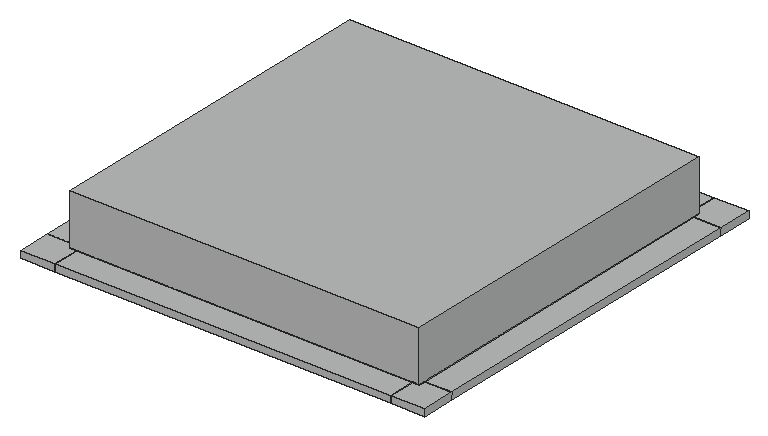
Revit family "ALUMOGIPS", category Осветительные приборы, Revit 2019 (continued)
Types (72, lengths in mm): name | Файл фотометрической сетки | built-in parameter 1150105 | Lumens | built-in parameter 1150106 | built-in parameter 1150142 | Wattage | Emit from Rectangle Width | Emit from Rectangle Length | Длина | Материал светильника | Ширина | ADSK_Ток | ADSK_Полная мощность | ADSK_Обозначение | ADSK_Номинальная мощность | ADSK_Наименование | ADSK_Масса | ADSK_Код изделия
  Alumogips-22/opal-sand 295x295 (IP40, 4000К, белый) | "Светильник ALUMOGIPS-22 OPAL-SAND-(295x295).IES" | 151.2 (stored number, unit not read) | 1900 lm | 1.512 (stored number, unit not read) | "IESNA:LM-63-95\r\n[TEST] Протокол №88\r\n[DATA] 02.08.2016\r\n[MORE] \r\n[MANUFAC] ЗАО \"Центрстройсвет\"\r\n[LUMCAT]  Светильник ALUMOGIPS-22/OPAL-SAND-(295x295)\r\n[LUMINAIRE]\r\n[LAMPCAT] Светодиоды\r\n[LAMP] Поток источника света (светодиодов) не известен\r\n[MORE] КСС приведена в абсолютных величинах кд\r\n[MORE] Вместо потока лампы, указан поток светильника.\r\nTILT=NONE\r\n1    1840 1.0 37 73 1 2 0.295 0.295 0.040\r\n1.0 1.0 23.0\r\n0.0 5.0 10.0 15.0 20.0 25.0 30.0 35.0 40.0 45.0 50.0 55.0 60.0 65.0 70.0 75.0 80.0 85.0 90.0 95.0 100.0 105.0 110.0 115.0 120.0 125.0 130.0 135.0 140.0 145.0 150.0 155.0 160.0 165.0 170.0 175.0 180.0\r\n0.0 5.0 10.0 15.0 20.0 25.0 30.0 35.0 40.0 45.0 50.0 55.0 60.0 65.0 70.0 75.0 80.0 85.0 90.0 95.0 100.0 105.0 110.0 115.0 120.0 125.0 130.0 135.0 140.0 145.0 150.0 155.0 160.0 165.0 170.0 175.0 180.0 185.0 190.0 195.0 200.0 205.0 210.0 215.0 220.0 225.0 230.0 235.0 240.0 245.0 250.0 255.0 260.0 265.0 270.0 275.0 280.0 285.0 290.0 295.0 300.0 305.0 310.0 315.0 320.0 325.0 330.0 335.0 340.0 345.0 350.0 355.0 360.0\r\n704.4 702.6 689.1 668.2 639.7 603.2 562.5 516.5 468.8 417.4 365.6 312.1 259.6 207.6 156.6 108.3 64.3 25.9 1.0 0.0 0.0 0.0 0.0 0.0 0.0 0.0 0.0 0.0 0.0 0.0 0.0 0.0 0.0 0.0 0.0 0.0 0.0\r\n704.4 702.6 688.9 666.9 636.8 601.2 560.9 517.4 467.0 417.5 364.8 312.1 258.9 207.6 156.5 108.3 64.5 26.2 0.8 0.0 0.0 0.0 0.0 0.0 0.0 0.0 0.0 0.0 0.0 0.0 0.0 0.0 0.0 0.0 0.0 0.0 0.0\r\n704.4 702.7 688.1 666.6 636.2 601.8 558.9 514.4 466.5 416.1 364.4 311.1 259.0 206.8 155.7 107.9 64.0 25.6 0.7 0.0 0.0 0.0 0.0 0.0 0.0 0.0 0.0 0.0 0.0 0.0 0.0 0.0 0.0 0.0 0.0 0.0 0.0\r\n704.4 702.8 687.5 665.5 635.7 599.5 558.6 514.9 467.7 415.9 364.3 311.2 257.9 206.3 155.3 107.2 63.6 25.3 0.6 0.0 0.0 0.0 0.0 0.0 0.0 0.0 0.0 0.0 0.0 0.0 0.0 0.0 0.0 0.0 0.0 0.0 0.0\r\n704.4 702.6 687.0 663.7 635.8 599.0 558.1 514.4 465.6 413.9 361.9 310.4 256.5 205.3 154.7 106.6 62.6 24.8 0.4 0.0 0.0 0.0 0.0 0.0 0.0 0.0 0.0 0.0 0.0 0.0 0.0 0.0 0.0 0.0 0.0 0.0 0.0\r\n704.4 702.2 686.0 663.0 633.3 599.1 557.7 512.0 464.8 414.0 362.8 309.2 256.6 205.1 154.2 106.1 62.4 24.4 0.4 0.0 0.0 0.0 0.0 0.0 0.0 0.0 0.0 0.0 0.0 0.0 0.0 0.0 0.0 0.0 0.0 0.0 0.0\r\n704.4 701.7 685.7 662.9 634.4 599.2 558.1 511.9 463.9 414.8 361.7 309.1 256.5 204.4 153.6 105.3 62.2 24.3 0.3 0.0 0.0 0.0 0.0 0.0 0.0 0.0 0.0 0.0 0.0 0.0 0.0 0.0 0.0 0.0 0.0 0.0 0.0\r\n704.4 701.4 685.4 663.3 632.5 597.1 557.3 512.2 463.2 413.2 361.4 307.8 255.6 203.8 153.2 105.6 61.8 24.0 0.3 0.0 0.0 0.0 0.0 0.0 0.0 0.0 0.0 0.0 0.0 0.0 0.0 0.0 0.0 0.0 0.0 0.0 0.0\r\n704.4 701.2 685.3 662.8 633.9 597.9 556.7 511.3 462.0 412.9 360.3 306.8 255.0 203.4 152.9 105.0 62.1 23.8 0.4 0.0 0.0 0.0 0.0 0.0 0.0 0.0 0.0 0.0 0.0 0.0 0.0 0.0 0.0 0.0 0.0 0.0 0.0\r\n704.4 700.7 685.1 661.8 633.2 596.2 556.5 510.9 461.5 411.1 359.4 307.7 255.0 203.8 153.0 104.9 61.9 23.6 0.5 0.0 0.0 0.0 0.0 0.0 0.0 0.0 0.0 0.0 0.0 0.0 0.0 0.0 0.0 0.0 0.0 0.0 0.0\r\n704.4 700.0 684.9 662.8 633.2 597.6 556.4 511.4 461.8 411.3 359.2 307.9 255.0 203.5 152.9 105.5 62.1 23.6 0.3 0.0 0.0 0.0 0.0 0.0 0.0 0.0 0.0 0.0 0.0 0.0 0.0 0.0 0.0 0.0 0.0 0.0 0.0\r\n704.4 699.6 685.0 663.1 633.0 597.9 557.6 511.6 462.2 410.8 359.8 307.8 254.6 203.2 152.9 105.6 62.1 23.9 0.3 0.0 0.0 0.0 0.0 0.0 0.0 0.0 0.0 0.0 0.0 0.0 0.0 0.0 0.0 0.0 0.0 0.0 0.0\r\n704.4 699.4 684.8 662.9 633.0 597.6 556.3 511.4 462.0 412.1 359.9 308.6 255.5 203.3 152.7 105.5 62.7 23.9 0.4 0.0 0.0 0.0 0.0 0.0 0.0 0.0 0.0 0.0 0.0 0.0 0.0 0.0 0.0 0.0 0.0 0.0 0.0\r\n704.4 699.2 685.0 663.9 634.3 597.1 556.9 510.5 462.6 411.5 359.8 308.0 255.2 203.3 153.6 105.4 62.4 24.0 0.4 0.0 0.0 0.0 0.0 0.0 0.0 0.0 0.0 0.0 0.0 0.0 0.0 0.0 0.0 0.0 0.0 0.0 0.0\r\n704.4 698.9 685.3 663.1 633.1 597.7 555.9 511.5 463.6 413.1 360.4 307.4 255.0 203.4 154.1 106.4 62.5 24.2 0.3 0.0 0.0 0.0 0.0 0.0 0.0 0.0 0.0 0.0 0.0 0.0 0.0 0.0 0.0 0.0 0.0 0.0 0.0\r\n704.4 698.8 684.9 662.5 633.7 597.3 557.3 511.4 463.5 412.5 360.6 308.3 256.1 204.5 154.8 106.4 63.3 24.7 0.4 0.0 0.0 0.0 0.0 0.0 0.0 0.0 0.0 0.0 0.0 0.0 0.0 0.0 0.0 0.0 0.0 0.0 0.0\r\n704.4 698.8 685.0 663.1 634.2 598.6 557.7 511.5 463.1 413.4 360.7 309.0 257.0 204.7 154.5 107.2 63.3 25.0 0.4 0.0 0.0 0.0 0.0 0.0 0.0 0.0 0.0 0.0 0.0 0.0 0.0 0.0 0.0 0.0 0.0 0.0 0.0\r\n704.4 698.8 685.9 663.2 634.6 598.3 557.6 511.0 462.3 413.8 361.5 308.8 256.7 205.8 155.4 107.6 63.7 25.3 0.4 0.0 0.0 0.0 0.0 0.0 0.0 0.0 0.0 0.0 0.0 0.0 0.0 0.0 0.0 0.0 0.0 0.0 0.0\r\n704.4 698.9 686.2 663.6 634.2 598.4 558.9 513.7 463.3 414.0 361.2 309.4 257.5 206.4 155.7 108.1 64.2 25.7 0.3 0.0 0.0 0.0 0.0 0.0 0.0 0.0 0.0 0.0 0.0 0.0 0.0 0.0 0.0 0.0 0.0 0.0 0.0\r\n704.4 699.2 685.6 664.1 635.3 599.2 558.5 513.9 465.4 414.1 363.1 310.0 258.5 206.6 156.1 108.2 64.8 26.0 0.4 0.0 0.0 0.0 0.0 0.0 0.0 0.0 0.0 0.0 0.0 0.0 0.0 0.0 0.0 0.0 0.0 0.0 0.0\r\n704.4 699.5 685.9 663.5 635.1 599.6 559.3 514.1 467.4 415.5 363.4 310.4 258.2 207.4 157.0 108.7 65.3 26.4 0.7 0.0 0.0 0.0 0.0 0.0 0.0 0.0 0.0 0.0 0.0 0.0 0.0 0.0 0.0 0.0 0.0 0.0 0.0\r\n704.4 699.6 686.6 665.6 636.2 601.3 560.7 514.4 466.7 415.4 364.2 311.3 259.4 207.8 157.4 109.5 65.4 26.6 0.9 0.0 0.0 0.0 0.0 0.0 0.0 0.0 0.0 0.0 0.0 0.0 0.0 0.0 0.0 0.0 0.0 0.0 0.0\r\n704.4 699.6 687.0 665.5 635.2 600.6 560.0 515.7 467.1 415.8 363.7 312.0 259.9 208.3 157.9 109.9 66.2 27.1 1.0 0.0 0.0 0.0 0.0 0.0 0.0 0.0 0.0 0.0 0.0 0.0 0.0 0.0 0.0 0.0 0.0 0.0 0.0\r\n704.4 699.6 686.9 665.3 638.0 601.8 560.2 516.2 467.8 417.1 364.5 312.6 260.5 209.6 159.0 110.8 66.2 27.7 1.1 0.0 0.0 0.0 0.0 0.0 0.0 0.0 0.0 0.0 0.0 0.0 0.0 0.0 0.0 0.0 0.0 0.0 0.0\r\n704.4 699.6 687.1 666.3 637.6 601.9 561.9 517.1 468.0 418.2 366.8 314.0 261.4 209.4 159.3 111.3 67.0 28.1 1.2 0.0 0.0 0.0 0.0 0.0 0.0 0.0 0.0 0.0 0.0 0.0 0.0 0.0 0.0 0.0 0.0 0.0 0.0\r\n704.4 699.5 687.4 666.7 638.8 602.2 562.2 518.2 469.5 419.1 368.2 314.0 263.2 210.6 159.7 111.6 67.9 28.6 1.4 0.0 0.0 0.0 0.0 0.0 0.0 0.0 0.0 0.0 0.0 0.0 0.0 0.0 0.0 0.0 0.0 0.0 0.0\r\n704.4 699.5 688.3 667.0 640.3 604.3 563.6 518.1 470.6 419.5 367.4 316.1 263.5 211.7 161.4 112.7 68.0 28.9 1.6 0.0 0.0 0.0 0.0 0.0 0.0 0.0 0.0 0.0 0.0 0.0 0.0 0.0 0.0 0.0 0.0 0.0 0.0\r\n704.4 699.3 688.8 667.6 639.8 604.7 565.6 518.5 470.9 421.8 370.5 318.0 264.7 211.6 161.4 113.3 69.3 29.6 1.6 0.0 0.0 0.0 0.0 0.0 0.0 0.0 0.0 0.0 0.0 0.0 0.0 0.0 0.0 0.0 0.0 0.0 0.0\r\n704.4 699.3 689.1 668.0 639.9 605.1 564.7 521.0 473.3 421.7 371.0 317.6 265.9 213.4 162.4 113.9 69.6 30.2 2.1 0.0 0.0 0.0 0.0 0.0 0.0 0.0 0.0 0.0 0.0 0.0 0.0 0.0 0.0 0.0 0.0 0.0 0.0\r\n704.4 699.1 689.5 669.7 641.0 604.7 565.4 521.7 472.9 422.2 371.7 318.9 266.2 213.7 163.0 114.7 70.1 30.7 2.4 0.0 0.0 0.0 0.0 0.0 0.0 0.0 0.0 0.0 0.0 0.0 0.0 0.0 0.0 0.0 0.0 0.0 0.0\r\n704.4 699.0 688.9 668.7 641.2 606.9 567.6 522.5 474.1 423.9 372.7 320.8 267.8 215.3 164.2 115.4 70.6 31.3 2.5 0.0 0.0 0.0 0.0 0.0 0.0 0.0 0.0 0.0 0.0 0.0 0.0 0.0 0.0 0.0 0.0 0.0 0.0\r\n704.4 699.1 688.5 669.3 641.7 607.1 565.5 524.1 474.7 425.6 373.4 320.3 268.0 216.0 165.4 116.1 71.4 31.8 3.2 0.0 0.0 0.0 0.0 0.0 0.0 0.0 0.0 0.0 0.0 0.0 0.0 0.0 0.0 0.0 0.0 0.0 0.0\r\n704.4 699.3 687.9 669.4 641.7 607.2 568.4 524.0 476.6 426.2 374.1 322.1 268.8 217.3 165.9 117.2 72.0 32.4 3.4 0.0 0.0 0.0 0.0 0.0 0.0 0.0 0.0 0.0 0.0 0.0 0.0 0.0 0.0 0.0 0.0 0.0 0.0\r\n704.4 699.4 688.3 668.6 642.5 609.5 569.6 524.7 477.8 427.5 376.1 323.3 270.4 217.7 167.4 118.2 72.9 32.9 3.5 0.0 0.0 0.0 0.0 0.0 0.0 0.0 0.0 0.0 0.0 0.0 0.0 0.0 0.0 0.0 0.0 0.0 0.0\r\n704.4 699.4 689.0 668.7 640.7 609.0 568.7 526.9 479.0 427.9 376.7 323.6 272.1 218.5 168.0 119.1 73.6 33.5 3.7 0.0 0.0 0.0 0.0 0.0 0.0 0.0 0.0 0.0 0.0 0.0 0.0 0.0 0.0 0.0 0.0 0.0 0.0\r\n704.4 699.5 689.2 670.1 641.2 608.9 569.2 524.1 478.5 427.1 377.3 325.0 272.3 219.8 169.2 119.9 74.3 34.5 4.2 0.0 0.0 0.0 0.0 0.0 0.0 0.0 0.0 0.0 0.0 0.0 0.0 0.0 0.0 0.0 0.0 0.0 0.0\r\n704.4 699.5 689.2 669.3 642.5 609.2 569.8 524.5 479.5 428.4 376.6 325.2 272.4 220.9 169.5 120.1 74.4 34.4 4.3 0.0 0.0 0.0 0.0 0.0 0.0 0.0 0.0 0.0 0.0 0.0 0.0 0.0 0.0 0.0 0.0 0.0 0.0\r\n704.4 699.2 689.2 669.9 643.4 609.4 571.0 527.6 480.8 430.3 377.8 326.1 273.4 220.9 169.5 120.2 74.5 34.1 3.9 0.0 0.0 0.0 0.0 0.0 0.0 0.0 0.0 0.0 0.0 0.0 0.0 0.0 0.0 0.0 0.0 0.0 0.0\r\n704.4 698.9 689.2 670.5 644.2 611.7 573.5 529.4 482.3 431.6 378.4 327.7 274.1 222.2 170.4 120.8 75.0 34.6 4.3 0.0 0.0 0.0 0.0 0.0 0.0 0.0 0.0 0.0 0.0 0.0 0.0 0.0 0.0 0.0 0.0 0.0 0.0\r\n704.4 698.9 690.0 671.1 646.9 613.4 573.6 530.0 481.1 432.2 380.0 327.9 274.9 222.2 170.8 121.1 75.6 35.3 4.2 0.0 0.0 0.0 0.0 0.0 0.0 0.0 0.0 0.0 0.0 0.0 0.0 0.0 0.0 0.0 0.0 0.0 0.0\r\n704.4 699.3 690.7 674.8 647.7 612.5 573.7 529.4 482.0 432.1 380.6 327.7 274.6 222.1 170.6 121.7 76.0 35.6 4.5 0.0 0.0 0.0 0.0 0.0 0.0 0.0 0.0 0.0 0.0 0.0 0.0 0.0 0.0 0.0 0.0 0.0 0.0\r\n704.4 699.9 691.7 675.0 647.1 613.1 573.0 530.7 482.3 432.6 379.8 328.5 274.7 223.2 171.5 122.3 76.3 35.9 5.0 0.0 0.0 0.0 0.0 0.0 0.0 0.0 0.0 0.0 0.0 0.0 0.0 0.0 0.0 0.0 0.0 0.0 0.0\r\n704.4 700.4 692.9 673.4 646.5 612.9 575.2 531.6 483.1 433.1 381.9 328.2 276.3 222.1 172.0 122.8 76.9 36.2 5.1 0.0 0.0 0.0 0.0 0.0 0.0 0.0 0.0 0.0 0.0 0.0 0.0 0.0 0.0 0.0 0.0 0.0 0.0\r\n704.4 700.6 693.5 673.9 647.0 612.9 573.5 531.0 482.4 433.7 382.3 328.8 276.2 223.2 172.6 123.3 77.4 36.6 5.1 0.0 0.0 0.0 0.0 0.0 0.0 0.0 0.0 0.0 0.0 0.0 0.0 0.0 0.0 0.0 0.0 0.0 0.0\r\n704.4 700.7 693.7 673.1 648.0 613.9 574.3 531.3 483.3 432.8 382.1 329.2 275.7 223.6 172.8 123.4 77.8 36.9 4.9 0.0 0.0 0.0 0.0 0.0 0.0 0.0 0.0 0.0 0.0 0.0 0.0 0.0 0.0 0.0 0.0 0.0 0.0\r\n704.4 701.1 693.8 674.8 647.2 613.5 575.2 531.8 483.2 434.1 382.5 328.9 276.7 223.3 172.7 123.9 77.9 37.4 5.0 0.0 0.0 0.0 0.0 0.0 0.0 0.0 0.0 0.0 0.0 0.0 0.0 0.0 0.0 0.0 0.0 0.0 0.0\r\n704.4 701.8 693.2 673.7 647.8 613.7 574.8 529.9 484.5 434.8 382.6 330.3 276.0 223.9 173.4 124.4 78.3 37.7 5.0 0.0 0.0 0.0 0.0 0.0 0.0 0.0 0.0 0.0 0.0 0.0 0.0 0.0 0.0 0.0 0.0 0.0 0.0\r\n704.4 702.4 693.0 674.7 647.5 613.7 574.7 531.6 484.4 433.5 382.7 330.5 276.0 224.0 173.7 124.4 78.8 37.9 4.7 0.0 0.0 0.0 0.0 0.0 0.0 0.0 0.0 0.0 0.0 0.0 0.0 0.0 0.0 0.0 0.0 0.0 0.0\r\n704.4 702.9 693.1 673.7 646.9 614.1 575.5 531.6 485.4 434.0 382.7 330.7 276.9 224.2 173.3 124.5 79.1 38.3 4.4 0.0 0.0 0.0 0.0 0.0 0.0 0.0 0.0 0.0 0.0 0.0 0.0 0.0 0.0 0.0 0.0 0.0 0.0\r\n704.4 703.3 693.4 673.6 647.7 614.5 574.9 531.1 484.2 434.6 382.2 329.8 277.1 224.6 173.1 124.5 78.9 38.1 4.9 0.0 0.0 0.0 0.0 0.0 0.0 0.0 0.0 0.0 0.0 0.0 0.0 0.0 0.0 0.0 0.0 0.0 0.0\r\n704.4 703.5 692.8 673.5 646.9 613.2 574.9 530.4 485.0 432.4 382.8 329.5 277.0 223.9 173.7 124.3 78.8 38.0 5.3 0.0 0.0 0.0 0.0 0.0 0.0 0.0 0.0 0.0 0.0 0.0 0.0 0.0 0.0 0.0 0.0 0.0 0.0\r\n704.4 703.6 692.6 673.2 647.2 613.2 573.5 530.2 483.8 433.3 382.1 329.2 277.1 224.4 172.8 124.4 78.9 38.0 4.9 0.0 0.0 0.0 0.0 0.0 0.0 0.0 0.0 0.0 0.0 0.0 0.0 0.0 0.0 0.0 0.0 0.0 0.0\r\n704.4 703.7 692.8 672.6 647.2 614.4 573.5 530.9 482.8 433.6 380.9 329.2 276.5 224.5 172.9 124.0 78.7 37.8 4.9 0.0 0.0 0.0 0.0 0.0 0.0 0.0 0.0 0.0 0.0 0.0 0.0 0.0 0.0 0.0 0.0 0.0 0.0\r\n704.4 703.8 692.6 673.2 647.0 612.4 573.2 530.1 482.8 432.7 380.9 328.7 276.1 224.2 172.8 123.6 78.2 37.4 5.0 0.0 0.0 0.0 0.0 0.0 0.0 0.0 0.0 0.0 0.0 0.0 0.0 0.0 0.0 0.0 0.0 0.0 0.0\r\n704.4 703.6 693.0 674.0 646.0 613.3 572.9 529.7 482.7 431.7 379.7 327.7 275.3 223.6 172.8 123.2 77.9 37.1 4.7 0.0 0.0 0.0 0.0 0.0 0.0 0.0 0.0 0.0 0.0 0.0 0.0 0.0 0.0 0.0 0.0 0.0 0.0\r\n704.4 703.2 693.3 671.6 645.9 611.7 572.1 528.4 482.6 432.2 380.7 327.6 274.6 222.7 171.5 123.0 77.5 36.7 4.5 0.0 0.0 0.0 0.0 0.0 0.0 0.0 0.0 0.0 0.0 0.0 0.0 0.0 0.0 0.0 0.0 0.0 0.0\r\n704.4 703.1 692.8 671.5 645.0 611.3 572.6 526.8 480.5 432.1 379.2 327.0 274.1 221.6 170.8 122.4 77.0 36.3 4.1 0.0 0.0 0.0 0.0 0.0 0.0 0.0 0.0 0.0 0.0 0.0 0.0 0.0 0.0 0.0 0.0 0.0 0.0\r\n704.4 703.3 692.3 671.6 644.6 611.4 570.3 526.6 479.8 430.3 378.7 326.0 273.2 220.7 170.1 121.6 76.1 35.7 3.9 0.0 0.0 0.0 0.0 0.0 0.0 0.0 0.0 0.0 0.0 0.0 0.0 0.0 0.0 0.0 0.0 0.0 0.0\r\n704.4 703.4 692.1 673.0 644.7 610.0 571.1 525.9 478.7 429.2 377.2 324.8 271.8 219.9 169.3 120.3 75.5 35.2 3.5 0.0 0.0 0.0 0.0 0.0 0.0 0.0 0.0 0.0 0.0 0.0 0.0 0.0 0.0 0.0 0.0 0.0 0.0\r\n704.4 703.3 692.0 671.7 643.8 610.5 570.5 526.6 477.8 429.3 377.1 324.6 272.1 219.3 168.4 119.6 74.7 34.2 3.6 0.0 0.0 0.0 0.0 0.0 0.0 0.0 0.0 0.0 0.0 0.0 0.0 0.0 0.0 0.0 0.0 0.0 0.0\r\n704.4 703.2 691.7 671.4 643.3 607.8 570.3 524.8 477.5 427.2 375.8 323.5 270.4 218.3 167.6 118.9 73.6 33.5 3.3 0.0 0.0 0.0 0.0 0.0 0.0 0.0 0.0 0.0 0.0 0.0 0.0 0.0 0.0 0.0 0.0 0.0 0.0\r\n704.4 703.2 691.3 670.4 642.9 608.1 568.6 525.2 476.3 426.8 374.1 322.6 268.8 216.9 165.8 117.8 73.0 32.9 2.7 0.0 0.0 0.0 0.0 0.0 0.0 0.0 0.0 0.0 0.0 0.0 0.0 0.0 0.0 0.0 0.0 0.0 0.0\r\n704.4 703.2 691.0 670.9 642.3 607.5 567.5 522.3 477.0 426.7 373.5 321.2 267.9 216.0 165.2 116.7 71.6 32.1 2.8 0.0 0.0 0.0 0.0 0.0 0.0 0.0 0.0 0.0 0.0 0.0 0.0 0.0 0.0 0.0 0.0 0.0 0.0\r\n704.4 703.3 690.4 669.1 641.2 607.4 565.7 523.3 473.7 425.1 373.6 320.5 267.1 214.8 164.2 115.8 70.8 31.5 2.0 0.0 0.0 0.0 0.0 0.0 0.0 0.0 0.0 0.0 0.0 0.0 0.0 0.0 0.0 0.0 0.0 0.0 0.0\r\n704.4 703.4 689.7 669.6 640.7 607.3 565.0 521.8 475.0 423.5 372.9 318.9 265.5 214.0 163.2 114.6 70.2 30.5 2.0 0.0 0.0 0.0 0.0 0.0 0.0 0.0 0.0 0.0 0.0 0.0 0.0 0.0 0.0 0.0 0.0 0.0 0.0\r\n704.4 703.4 689.7 668.8 640.3 605.8 566.4 519.9 474.4 423.7 370.8 318.1 265.5 212.7 162.1 113.5 68.9 29.8 2.0 0.0 0.0 0.0 0.0 0.0 0.0 0.0 0.0 0.0 0.0 0.0 0.0 0.0 0.0 0.0 0.0 0.0 0.0\r\n704.4 703.4 690.2 667.6 639.0 606.2 565.0 519.0 472.4 422.7 370.1 317.7 263.8 212.1 161.1 112.8 68.2 29.0 2.0 0.0 0.0 0.0 0.0 0.0 0.0 0.0 0.0 0.0 0.0 0.0 0.0 0.0 0.0 0.0 0.0 0.0 0.0\r\n704.4 703.2 690.1 667.2 639.6 602.9 563.5 519.7 471.9 421.7 368.7 316.5 262.8 211.0 160.3 111.9 67.5 28.3 1.6 0.0 0.0 0.0 0.0 0.0 0.0 0.0 0.0 0.0 0.0 0.0 0.0 0.0 0.0 0.0 0.0 0.0 0.0\r\n704.4 703.1 689.6 667.3 637.8 603.3 562.7 517.3 470.1 419.4 368.0 315.2 261.9 210.6 159.0 110.9 66.6 27.9 1.1 0.0 0.0 0.0 0.0 0.0 0.0 0.0 0.0 0.0 0.0 0.0 0.0 0.0 0.0 0.0 0.0 0.0 0.0\r\n704.4 703.1 689.9 668.7 638.6 603.3 561.3 518.8 468.9 418.8 367.0 314.2 262.0 208.7 158.3 110.1 65.9 27.3 1.0 0.0 0.0 0.0 0.0 0.0 0.0 0.0 0.0 0.0 0.0 0.0 0.0 0.0 0.0 0.0 0.0 0.0 0.0\r\n704.4 703.1 689.9 667.6 639.0 603.4 561.3 516.7 468.8 418.8 365.3 313.8 260.7 208.2 156.8 109.3 65.1 26.7 1.0 0.0 0.0 0.0 0.0 0.0 0.0 0.0 0.0 0.0 0.0 0.0 0.0 0.0 0.0 0.0 0.0 0.0 0.0\r\n704.4 702.8 689.4 668.0 639.3 603.2 562.9 517.1 467.8 418.2 366.4 312.6 259.9 207.7 156.4 108.1 64.3 25.9 1.0 0.0 0.0 0.0 0.0 0.0 0.0 0.0 0.0 0.0 0.0 0.0 0.0 0.0 0.0 0.0 0.0 0.0 0.0\r\n704.4 702.6 689.1 668.2 639.7 603.2 562.5 516.5 468.8 417.4 365.6 312.1 259.6 207.6 156.6 108.3 64.3 25.9 1.0 0.0 0.0 0.0 0.0 0.0 0.0 0.0 0.0 0.0 0.0 0.0 0.0 0.0 0.0 0.0 0.0 0.0 0.0\r\n" | 12.791 W | 275 | 275 | 295 | RAL 9001 | 295 | 0.10397 A | 23.913 VA | "Alumogips-22/opal-sand 295x295 (IP40, 4000К, белый)" | 22 W | "Встраиваемый светодиодный светильник Alumogips-22/opal-sand 295x295 (IP40, 4000К, белый)" | 1 | "ЦБ000007351"
